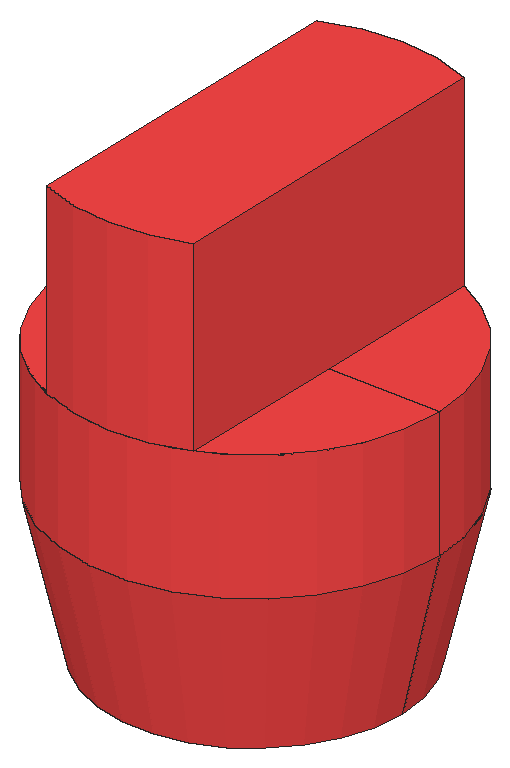
Revit family "CWSO-RR-W2 ENScape akustisk signalgiver rød IP65_Tak", category Fire Alarm Devices, Revit 2016
Family settings
  Maintain Annotation Orientation = Yes
  Part Type = Normal
  Round Connector Dimension = Use Diameter
  OmniClass Number = 23.85.30.21.11.17
  OmniClass Title = Other Components
  Work Plane-Based = No
  Always vertical = No
  Cut with Voids When Loaded = No
  Shared = No
  Room Calculation Point = No
Parameters (values of type "Signalgiver")
  Type Comments = "-XH"
  Reference Line Out [instance] = 50.00 mm
  NS8360 = "5423_XN1"
  Manufacturer = "Honeywell"
  Keynote = "XN1"
  CQFontSymboler = ""
  CQ Material = Plastic - Red
  CQ Diameter = 100.00 mm
  CQ Symbol Positive Direction [instance] = yes
  CQ Symbol Offset Side [instance] = 0.00 mm
  CQ Symbol Offset Out [instance] = 0.00 mm
  CQ Length = 77.00 mm
  Assembly Code = "5423"
Reference planes
  plane 1 "Center (Front/Back)": y = 0
  plane 2: z = 0
  plane 3 "Center (Left/Right)": x = 0
  plane 4: x = 50
  plane 5: x = -50
  plane 6: z = -77
  plane 7: y = 50
  plane 8: z = 50.623
Forms (mm)
  Revolve 1, solid, material "Plastic - Red" <- "CQ Material"
    sketch origin (0, 0, 0) x (1, 0, 0) y (0, 0, -1)
      loop
        line (50, 0) -> (50, 35) -> (40, 77) -> (38, 77)
        arc (38, 77) -> (31.118, 58.248) -> (13.595, 48.661) r 28.41
        line (13.595, 48.661) -> (0, 55) -> (0, 0) -> (50, 0)
      axis (0, 77) -> (0, 0)
    angle from 0 to 360
  Extrusion 2, solid, material "Plastic - Red" <- "CQ Material"
    sketch origin (0, 0, 0) x (1, 0, 0) y (0, 1, 0)
      loop
        line (-20, 45.826) -> (-20, -45.826)
        arc (-20, -45.826) -> (0, -50) -> (20, -45.826) r 50
        line (20, -45.826) -> (20, 45.826)
        arc (20, 45.826) -> (0, 50) -> (-20, 45.826) r 50
    from 0 to 50.623
Cuts and joins
  joined: Revolve 1, Extrusion 2
Lines and regions (mm)
  model lines, style "InvisibleLines"
    curve 1: line (0, 0, 0) -> (0, 50, 0)
  symbolic lines, style "InvisibleLines"
    curve 2: line (-50, 0, 0) -> (-50, 50, 0)
    curve 3: line (-50, 50, 0) -> (50, 50, 0)
    curve 4: line (50, 50, 0) -> (50, 0, 0)
    curve 5: line (-50, -50, 0) -> (50, -50, 0)
Dimensions and locks
  equal spacing: plane 5, plane 3 "Center (Left/Right)", plane 4
  "CQ Diameter": plane 5 to plane 4
  equal spacing: curve 3, plane 1 "Center (Front/Back)", curve 5
  "CQ Diameter": curve 5 to curve 3
  "CQ Length": plane 2 to plane 6
  "Reference Line Out": plane 1 "Center (Front/Back)" to plane 7
  aligned and locked: level to plane 2
  aligned and locked: curve 1 to plane 2
  aligned and locked: plane 3 "Center (Left/Right)" to nested 1
  aligned and locked: plane 1 "Center (Front/Back)" to nested 1
  aligned and locked: plane 1 "Center (Front/Back)" to curve 2
  aligned and locked: plane 1 "Center (Front/Back)" to curve 4
  aligned and locked: plane 4 to curve 4
  aligned and locked: Revolve 1 sketch curve to plane 4
  aligned and locked: Revolve 1 sketch curve to plane 3 "Center (Left/Right)"  (x2)
  aligned and locked: Revolve 1 sketch curve to plane 6
  aligned and locked: plane 2 to Revolve 1 sketch curve
  aligned and locked: Extrusion 2 sketch curve to Revolve 1  (x2)
  aligned and locked: plane 8 to Extrusion 2
Automatic sketch dimensions
  plane 3 "Center (Left/Right)" to Revolve 1 sketch curve = 9.59 mm
  plane 3 "Center (Left/Right)" to Revolve 1 sketch curve = 13.595 mm
  plane 4 to Revolve 1 sketch curve = 12.00 mm
  Revolve 1 sketch curve to Revolve 1 sketch curve = 2.00 mm
  Revolve 1 sketch curve to Revolve 1 sketch curve = 21.788 mm
  Revolve 1 sketch curve to Revolve 1 sketch curve = 1923.212 mm
  level to Revolve 1 sketch curve = 2000.00 mm
  Revolve 1 sketch curve to Revolve 1 sketch curve = 35.00 mm
  plane 6 to Revolve 1 sketch curve = 28.339 mm
  Extrusion 2 sketch curve to Extrusion 2 sketch curve = 0.00 mm
  Extrusion 2 sketch curve to plane 7 = 4.174 mm
  curve 3 to plane 5 = 0.00 mm
  curve 5 to plane 5 = 0.00 mm
  plane 1 "Center (Front/Back)" to curve 1 = 0.00 mm
  curve 1 to plane 3 "Center (Left/Right)" = 0.00 mm
  curve 5 to plane 4 = 0.00 mm
Nested families
  nested 1: "Alarm - Summer" at (0, 0, 0), type "Type 1"
Connectors
  electrical at (0, 0, 0)
    settings: index 1, voltage 0 V, apparent load 0 VA, apparent load phase1 0 VA, apparent load phase2 0 VA, apparent load phase3 0 VA, power factor 1, load classification "Other", number of poles 1, system type 11, power factor state 1, is connector primary yes, connector utility no, sub classification motor no, connector description ""
Definition of nested family "Alarm - Summer"
  Parameters (values of type "Type 1")
    CQ Symbol Positive Direction = yes
    CQ Symbol Negative Direction = not(CQ Symbol Positive Direction)  # no
    CQ Symbol Offset Side = 0.00 mm
    CQ Symbol Offset Out = 0.00 mm
  Reference planes
    plane 1: y = 0
    plane 2: x = 0
  Dimensions and locks
    "CQ Symbol Offset Out": plane 1 to nested 1
    "CQ Symbol Offset Out": plane 1 to nested 2
    "CQ Symbol Offset Side": nested 2 to plane 2
    "CQ Symbol Offset Side": plane 2 to nested 1
  Nested families
    nested 1: "Alarm - SummerSub" at (0, 0, 0), visible <- "CQ Symbol Positive Direction", type "Type 1"
    nested 2: "Alarm - SummerSub" at (0, 0, 0), visible <- "CQ Symbol Negative Direction", type "Type 1"
  Definition of nested family "Alarm - SummerSub"
    Reference planes
      plane 1: y = 0
      plane 2: x = 0
    Lines and regions (mm)
      detail lines
        curve 1: line (0, 0, 0) -> (0, 2.5, 0)
        curve 2: line (0, 0, 0) -> (-1.847, 0, 0)
        curve 3: line (-2.5, 2.5, 0) -> (2.5, 2.5, 0)
        curve 4: line (0, 5, 0) -> (-2.5, 2.5, 0)
        curve 5: line (0, 5, 0) -> (2.5, 2.5, 0)
